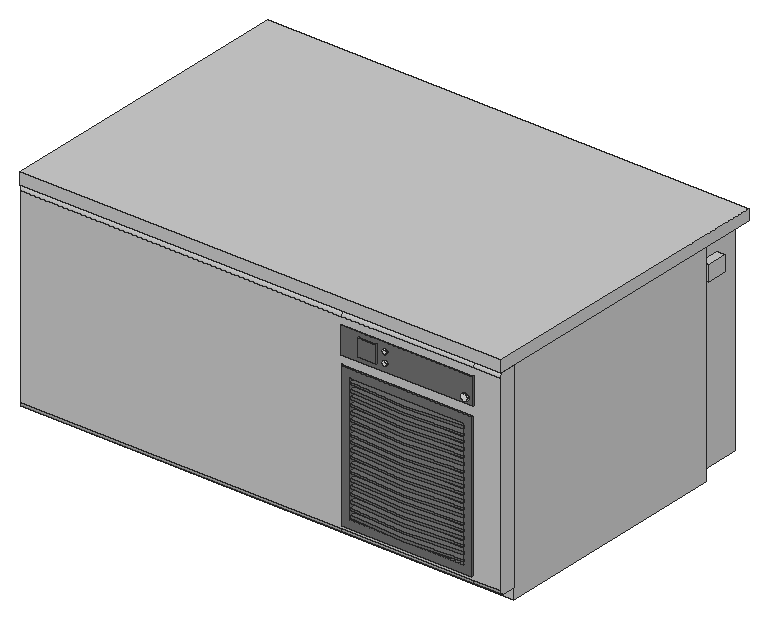
Revit family "QF_HOSHIZAKI_IM-240XNE-HC", category Specialty Equipment, Revit 2016
Family settings
  Part Type = Normal
  Round Connector Dimension = Use Diameter
  OmniClass Number = 23.40.40.14
  OmniClass Title = Food Service Equipment
  Work Plane-Based = No
  Always vertical = Yes
  Cut with Voids When Loaded = No
  Shared = No
  Room Calculation Point = No
Parameters (values of type "IM-240XNE-HC_230V/1Ph/50Hz")
  Weight = 82.00 kg
  Waste Remarks [instance] = ""
  Volts = 230 V
  URL Cutsheet = ""
  URL = "www.hoshizaki-europe.com"
  Status [instance] = ""
  Specification by User [instance] = ""
  Specification by Manufacturer [instance] = ""
  Serial Number = ""
  Seismic Rating = ""
  SMACNA No = ""
  Revision Code [instance] = ""
  Phase = 1
  Number of Poles = 2
  NAFEM Spec ID Number = ""
  Model = "IM-240XNE-HC"
  Min Ckt Ampacity = 0 A
  Max Overcurrent Protection = 0 A
  Masterspec = ""
  Manufacturer = "HOSHIZAKI"
  Length Actual = 1084 mm
  Item Number [instance] = ""
  Installed By [instance] = ""
  Indirect Waste Size = 19.05 mm
  Indirect Waste Connection Type [instance] = ""
  Indirect Waste Connection Height [instance] = 53 mm
  Identify Quantity as Lot [instance] = no
  Height Actual = 500 mm
  HP power = ""
  Furnished By [instance] = ""
  Foodservice Equipment Identifier [instance] = yes
  FL Amps = 20 A
  Electric power = 930 W
  Electric Connection Type [instance] = ""
  Elec Conn RI Height [instance] = 0 mm
  Elec Conn Connection Height [instance] = 409 mm
  Direct Waste RI Height [instance] = 0 mm
  Description = "IM HYDROCARBON ICE MAKER, 210KG PER 24 HOURS, LARGE CUBE, MODULAR - EXTENSION"
  Depth Actual = 700 mm
  Cycle = 50 Hz
  Cost = 0
  Conn Plug = ""
  Conn Conduit = no
  Cold Water Temperature Recommended = 0 °C
  Cold Water Size = 19.05 mm
  Cold Water Flow = 0.0 L/s
  Cold Water Connection Height [instance] = 419 mm
  CSI MasterFormat = ""
  Assembly Code = "E1090320"
  Apparent Power = 930 VA
  Accessory = no
Types (2, lengths in mm): name | Volts | Cycle
  IM-240XNE-HC_240V/1Ph/60Hz | 240 V | 60 Hz
  IM-240XNE-HC_230V/1Ph/50Hz | 230 V | 50 Hz
Reference planes
  plane 1 "Center (Front/Back)": y = 0
  plane 2: z = 0
  plane 3 "Center (Left/Right)": x = 0
Forms (mm)
  Extrusion 1, solid, not visible
    sketch origin (-16, -65, 418) x (1, 0, 0) y (0, 1, 0)
      loop
        line (0, 0) -> (2, 0) -> (2, 2) -> (0, 2) -> (0, 0)
    from 0 to 2
  Extrusion 2, solid, not visible
    sketch origin (-16, -213, 52) x (1, 0, 0) y (0, 1, 0)
      loop
        line (0, 0) -> (2, 0) -> (2, 2) -> (0, 2) -> (0, 0)
    from 0 to 2
  Extrusion 3, solid, not visible
    sketch origin (1073, -77, 408) x (1, 0, 0) y (0, 1, 0)
      loop
        line (0, 0) -> (2, 0) -> (2, 2) -> (0, 2) -> (0, 0)
    from 0 to 2
  Extrusion 4, solid, not visible
    sketch origin (-16, -65, 418) x (1, 0, 0) y (0, 1, 0)
      loop
        line (0, 0) -> (2, 0) -> (2, 2) -> (0, 2) -> (0, 0)
    from 0 to 2
  Extrusion 5, solid, not visible
    sketch origin (-16, -213, 52) x (1, 0, 0) y (0, 1, 0)
      loop
        line (0, 0) -> (2, 0) -> (2, 2) -> (0, 2) -> (0, 0)
    from 0 to 2
  Extrusion 6, solid, not visible
    sketch origin (1073, -77, 408) x (1, 0, 0) y (0, 1, 0)
      loop
        line (0, 0) -> (2, 0) -> (2, 2) -> (0, 2) -> (0, 0)
    from 0 to 2
Dimensions and locks
  aligned and locked: level to plane 2
Nested families
  nested 1: "QF_HOSHIZAKI_IM-240XNE-HC_240V_1Ph_60Hz" at (0, 0, 0), type "IM-240XNE-HC_240V/1Ph/60Hz"
    with Show Clearance yes
Connectors
  piping at (-15, -63, 419), diameter 19.05, driven by "Cold Water Size", driven by "Cold Water Flow"
    settings: on Extrusion 1, index 1, connector inside diameter 609.6 mm, connector length 0 mm, flow factor 0, pipe flow 0.0 L/s, pressure drop 0.0 Pa, fitting loss kfactor 0, connector angle 0.00°, fixture units 0, engagement length 0 mm, angle of deflection 0.00°, flow configuration 1, flow direction 1, fitting loss method 0, system type 20, joint type 0, gender type 0, connector reference index -1, connector utility 0, adjustable connector no, is connector primary yes, connector description "Cold Water connection for 'IM-240XNE-HC'"
  piping at (-15, -211, 53), diameter 19.05, driven by "Indirect Waste Size"
    settings: on Extrusion 2, index 2, connector inside diameter 609.6 mm, connector length 0 mm, flow factor 0, pipe flow 0.0 L/s, pressure drop 0.0 Pa, fitting loss kfactor 0, connector angle 0.00°, fixture units 0, engagement length 0 mm, angle of deflection 0.00°, flow configuration 1, flow direction 2, fitting loss method 0, system type 16, joint type 0, gender type 0, connector reference index -1, connector utility 0, adjustable connector no, is connector primary no, connector description "Drain connection for 'IM-240XNE-HC'"
  electrical at (1074, -75, 409), driven by "Apparent Power", driven by "Number of Poles", driven by "Volts"
    settings: on Extrusion 3, index 3, voltage 230 V, apparent load 0 VA, apparent load phase1 930 VA, apparent load phase2 0 VA, apparent load phase3 0 VA, power factor 1, load classification "Other", number of poles 2, system type 31, power factor state 1, is connector primary yes, connector utility no, sub classification motor no, connector description "Electric connection for 'IM-240XNE-HC'"
  piping at (-15, -63, 419), diameter 19.05, driven by "Cold Water Size", driven by "Cold Water Flow"
    settings: on Extrusion 4, index 4, connector inside diameter 609.6 mm, connector length 0 mm, flow factor 0, pipe flow 0.0 L/s, pressure drop 0.0 Pa, fitting loss kfactor 0, connector angle 0.00°, fixture units 0, engagement length 0 mm, angle of deflection 0.00°, flow configuration 1, flow direction 1, fitting loss method 0, system type 20, joint type 0, gender type 0, connector reference index -1, connector utility 0, adjustable connector no, is connector primary no, connector description "Cold Water connection for 'IM-240XNE-HC'"
  piping at (-15, -211, 53), diameter 19.05, driven by "Indirect Waste Size"
    settings: on Extrusion 5, index 5, connector inside diameter 609.6 mm, connector length 0 mm, flow factor 0, pipe flow 0.0 L/s, pressure drop 0.0 Pa, fitting loss kfactor 0, connector angle 0.00°, fixture units 0, engagement length 0 mm, angle of deflection 0.00°, flow configuration 1, flow direction 2, fitting loss method 0, system type 16, joint type 0, gender type 0, connector reference index -1, connector utility 0, adjustable connector no, is connector primary no, connector description "Drain connection for 'IM-240XNE-HC'"
  electrical at (1074, -75, 409), driven by "Apparent Power", driven by "Number of Poles", driven by "Volts"
    settings: on Extrusion 6, index 6, voltage 230 V, apparent load 0 VA, apparent load phase1 930 VA, apparent load phase2 0 VA, apparent load phase3 0 VA, power factor 1, load classification "Other", number of poles 2, system type 31, power factor state 1, is connector primary no, connector utility no, sub classification motor no, connector description "Electric connection for 'IM-240XNE-HC'"
Definition of nested family "QF_HOSHIZAKI_IM-240XNE-HC_240V_1Ph_60Hz"
  Parameters (values of type "IM-240XNE-HC_240V/1Ph/60Hz")
    Width = 1084 mm
    URL = "www.hoshizaki-europe.com"
    Show Clearance [instance] = yes
    Model = "IM-240XNE-HC"
    Manufacturer = "HOSHIZAKI"
    Height = 500 mm
    Description = "EMERALD CLASS IM HYDROCARBON ICE MAKER, 210KG PER 24 HOURS, LARGE CUBE, MODULAR - EXTENSION"
    Depth = 700 mm
    Assembly Code = "E1090320"
  Types (31, lengths in mm): name | Width | Model | Height | Description | Depth
    IM-240DNE-HC | 1084 | "IM-240DNE-HC" | 500 | "EMERALD CLASS IM HYDROCARBON ICE MAKER, 210KG PER 24 HOURS, LARGE CUBE, MODULAR - HORIZONTAL" | 700
    IM-240XNE-HC_240V/1Ph/60Hz | 1084 | "IM-240XNE-HC" | 500 | "EMERALD CLASS IM HYDROCARBON ICE MAKER, 210KG PER 24 HOURS, LARGE CUBE, MODULAR - EXTENSION" | 700
    IM-240DNE | 1084 | "IM-240DNE" | 500 | "MODULAR IM ICE MAKER, 240KG PER 24 HOURS, LARGE CUBE, MODULAR - HORIZONTAL" | 700
    IM-240DNE-21 | 1084 | "IM-240DNE-21" | 500 | "MODULAR IM ICE MAKER, 240KG PER 24 HOURS, EXTRA SMALL CUBE, MODULAR - HORIZONTAL" | 700
    IM-240DNE-23 | 1084 | "IM-240DNE-23" | 500 | "MODULAR IM ICE MAKER, 240KG PER 24 HOURS, MEDIUM CUBE, MODULAR - HORIZONTAL" | 700
    IM-240DNE-32 | 1084 | "IM-240DNE-32" | 500 | "MODULAR IM ICE MAKER, 240KG PER 24 HOURS, EXTRA LARGE CUBE, MODULAR - HORIZONTAL" | 700
    IM-240DSNE | 1084 | "IM-240DSNE" | 500 | "MODULAR IM ICE MAKER, 240KG PER 24 HOURS, LARGE CUBE, REMOTE CONDENSER" | 700
    IM-240DSNE-23 | 1084 | "IM-240DSNE-23" | 500 | "MODULAR IM ICE MAKER, 240KG PER 24 HOURS, MEDIUM CUBE, REMOTE CONDENSER" | 700
    IM-240DWNE | 1084 | "IM-240DWNE" | 500 | "MODULAR IM ICE MAKER, 240KG PER 24 HOURS, LARGE CUBE, MODULAR - HORIZONTAL, WATER COOLED" | 700
    IM-240DWNE-21 | 1084 | "IM-240DWNE-21" | 500 | "MODULAR IM ICE MAKER, 240KG PER 24 HOURS, EXTRA SMALL CUBE, MODULAR - HORIZONTAL, WATER COOLED" | 700
    IM-240DWNE-23 | 1084 | "IM-240DWNE-23" | 500 | "MODULAR IM ICE MAKER, 240KG PER 24 HOURS, MEDIUM CUBE, MODULAR - HORIZONTAL, WATER COOLED" | 700
    IM-240DWNE-32 | 1084 | "IM-240DWNE-32" | 500 | "MODULAR IM ICE MAKER, 240KG PER 24 HOURS, EXTRA LARGE CUBE, MODULAR - HORIZONTAL, WATER COOLED" | 700
    IM-240XNE | 1084 | "IM-240XNE" | 500 | "MODULAR IM ICE MAKER, 240KG PER 24 HOURS, LARGE CUBE, MODULAR - EXTENSION" | 700
    IM-240XNE-21 | 1084 | "IM-240XNE-21" | 500 | "MODULAR IM ICE MAKER, 240KG PER 24 HOURS, EXTRA SMALL CUBE, MODULAR - EXTENSION" | 700
    IM-240XNE-23 | 1084 | "IM-240XNE-23" | 500 | "MODULAR IM ICE MAKER, 240KG PER 24 HOURS, MEDIUM CUBE, MODULAR - EXTENSION" | 700
    IM-240XNE-32 | 1084 | "IM-240XNE-32" | 500 | "MODULAR IM ICE MAKER, 240KG PER 24 HOURS, EXTRA LARGE CUBE, MODULAR - EXTENSION" | 700
    IM-240XSNE | 1084 | "IM-240XSNE" | 500 | "MODULAR IM ICE MAKER, 240KG PER 24 HOURS, LARGE CUBE, MODULAR - EXTENSION, REMOTE CONDENSER" | 700
    IM-240XSNE-23 | 1084 | "IM-240XSNE-23" | 500 | "MODULAR IM ICE MAKER, 240KG PER 24 HOURS, MEDIUM CUBE, MODULAR - EXTENSION, REMOTE CONDENSER" | 700
    IM-240XWNE | 1084 | "IM-240XWNE" | 500 | "MODULAR IM ICE MAKER, 240KG PER 24 HOURS, LARGE CUBE, MODULAR - EXTENSION, WATER COOLED" | 700
    IM-240XWNE-21 | 1084 | "IM-240XWNE-21" | 500 | "MODULAR IM ICE MAKER, 240KG PER 24 HOURS, EXTRA SMALL CUBE, MODULAR - EXTENSION, WATER COOLED" | 700
    IM-240XWNE-23 | 1084 | "IM-240XWNE-23" | 500 | "MODULAR IM ICE MAKER, 240KG PER 24 HOURS, MEDIUM CUBE, MODULAR - EXTENSION, WATER COOLED" | 700
    IM-240XWNE-32 | 1084 | "IM-240XWNE-32" | 500 | "MODULAR IM ICE MAKER, 240KG PER 24 HOURS, EXTRA LARGE CUBE, MODULAR - EXTENSION, WATER COOLED" | 700
    IM-240DNE-C | 1084 | "IM-240DNE-C" | 500 | "IM CYLINDER ICE MAKER, 240KG PER 24 HOURS, CYLINDER ICE, MODULAR - HORIZONTAL" | 700
    IM-240DWNE-C | 1084 | "IM-240DWNE-C" | 500 | "IM CYLINDER ICE MAKER, 240KG PER 24 HOURS, CYLINDER ICE, MODULAR - HORIZONTAL, WATER COOLED" | 700
    IM-240XNE-C | 1084 | "IM-240XNE-C" | 500 | "IM CYLINDER ICE MAKER, 240KG PER 24 HOURS, CYLINDER ICE, MODULAR - EXTENSION" | 700
    IM-240XWNE-C | 1084 | "IM-240XWNE-C" | 500 | "IM CYLINDER ICE MAKER, 240KG PER 24 HOURS, CYLINDER ICE, MODULAR - EXTENSION, WATER COOLED" | 700
    IM-240DNE-HC-23 | 1084 | "IM-240DNE-HC-23" | 500 | "EMERALD CLASS IM HYDROCARBON ICE MAKER, 180KG PER 24 HOURS, MEDIUM CUBE, MODULAR - EXTENSION" | 700
    IM-240DNE-HC-32 | 1084 | "IM-240DNE-HC-32" | 500 | "EMERALD CLASS IM HYDROCARBON ICE MAKER, 190KG PER 24 HOURS, EXTRA LARGE CUBE, MODULAR - EXTENSION" | 700
    IM-240XNE-HC-23 | 1082 | "IM-240XNE-HC-23" | 485 | "EMERALD CLASS IM HYDROCARBON ICE MAKER, 180KG PER 24 HOURS, MEDIUM CUBE, MODULAR - EXTENSION" | 697
    IM-240XNE-HC-32 | 1082 | "IM-240XNE-HC-32" | 485 | "EMERALD CLASS IM HYDROCARBON ICE MAKER, 190KG PER 24 HOURS, EXTRA LARGE CUBE, MODULAR - EXTENSION" | 697
    IM-240DNE-HC-21 | 1084 | "IM-240DNE-HC-21" | 500 | "EMERALD CLASS IM HYDROCARBON ICE MAKER, 205KG PER 24 HOURS, EXTRA SMALL CUBE, MODULAR - EXTENSION" | 700
  Reference planes
    plane 1 "Back": y = 0
    plane 2: z = 0
    plane 3 "Left": x = 0
    plane 4 "Right": x = 1084
    plane 5 "Front": y = -700
    plane 6 "Top": z = 500
    plane 7: y = -702
    plane 8: z = 488
  Forms (mm)
    Extrusion 1, solid
      sketch origin (166.25, -249, 193) x (0, 1, 0) y (0, 0, 1)
        loop
          line (-414, -170) -> (-414, 280) -> (-441, 280)
          arc (-441, 280) -> (-448.071, 277.071) -> (-451, 270) r 10
          line (-451, 270) -> (-451, -160)
          arc (-451, -160) -> (-448.071, -167.071) -> (-441, -170) r 10
          line (-441, -170) -> (-414, -170)
      from 559.75 to -166.25
    Extrusion 2, solid
      sketch origin (-20, -211, 53) x (0, 1, 0) y (0, 0, 1)
        loop
          circle (0, 0) r 14
        loop
          circle (0, 0) r 12
      from 0 to 20
    Extrusion 3, solid
      sketch origin (-16, -63, 419) x (0, 1, 0) y (0, 0, 1)
        loop
          circle (0, 0) r 14
        loop
          circle (0, 0) r 12
      from 0 to 16
    Extrusion 4, solid
      sketch origin (1024, -249, 193) x (0, 1, 0) y (0, 0, 1)
        loop
          line (-414, -170) -> (-414, 280) -> (-441, 280)
          arc (-441, 280) -> (-448.071, 277.071) -> (-451, 270) r 10
          line (-451, 270) -> (-451, -160)
          arc (-451, -160) -> (-448.071, -167.071) -> (-441, -170) r 10
          line (-441, -170) -> (-414, -170)
      from 0 to 60
    Extrusion 5, solid
      sketch origin (726, -249, 193) x (0, 1, 0) y (0, 0, 1)
        loop
          line (-414, -170) -> (-414, -153) -> (-451, -153) -> (-451, -160)
          arc (-451, -160) -> (-448.071, -167.071) -> (-441, -170) r 10
          line (-441, -170) -> (-414, -170)
        loop
          line (-451, 270) -> (-451, 174) -> (-414, 174) -> (-414, 280) -> (-441, 280)
          arc (-441, 280) -> (-448.071, 277.071) -> (-451, 270) r 10
      from 0 to 298
    Extrusion 6, solid
      sketch origin (568.75, -852, 28) x (1, 0, 0) y (0, 0, 1)
        loop
          line (159.25, 337) -> (159.25, 14) -> (453.25, 14) -> (453.25, 337) -> (159.25, 337)
        loop
          line (177.25, 319) -> (177.25, 32) -> (435.25, 32) -> (435.25, 319) -> (177.25, 319)
      from -150 to -160
    Extrusion 7, solid
      sketch origin (568.75, -249, 170) x (1, 0, 0) y (0, 1, 0)
        loop
          line (177.25, -443) -> (177.25, -454.474)
          arc (177.25, -454.474) -> (306.295, -461.632) -> (435.25, -453) r 1057.927
          line (435.25, -453) -> (435.25, -443) -> (177.25, -443)
      from 0 to 5
    Extrusion 8, solid
      sketch origin (568.75, -249, 185) x (1, 0, 0) y (0, 1, 0)
        loop
          line (177.25, -443) -> (177.25, -454.474)
          arc (177.25, -454.474) -> (306.295, -461.632) -> (435.25, -453) r 1057.927
          line (435.25, -453) -> (435.25, -443) -> (177.25, -443)
      from 0 to 5
    Extrusion 9, solid
      sketch origin (568.75, -249, 200) x (1, 0, 0) y (0, 1, 0)
        loop
          line (177.25, -443) -> (177.25, -454.474)
          arc (177.25, -454.474) -> (306.295, -461.632) -> (435.25, -453) r 1057.927
          line (435.25, -453) -> (435.25, -443) -> (177.25, -443)
      from 0 to 5
    Extrusion 10, solid
      sketch origin (568.75, -249, 215) x (1, 0, 0) y (0, 1, 0)
        loop
          line (177.25, -443) -> (177.25, -454.474)
          arc (177.25, -454.474) -> (306.295, -461.632) -> (435.25, -453) r 1057.927
          line (435.25, -453) -> (435.25, -443) -> (177.25, -443)
      from 0 to 5
    Extrusion 11, solid
      sketch origin (568.75, -249, 230) x (1, 0, 0) y (0, 1, 0)
        loop
          line (177.25, -443) -> (177.25, -454.474)
          arc (177.25, -454.474) -> (306.295, -461.632) -> (435.25, -453) r 1057.927
          line (435.25, -453) -> (435.25, -443) -> (177.25, -443)
      from 0 to 5
    Extrusion 12, solid
      sketch origin (568.75, -249, 245) x (1, 0, 0) y (0, 1, 0)
        loop
          line (177.25, -443) -> (177.25, -454.474)
          arc (177.25, -454.474) -> (306.295, -461.632) -> (435.25, -453) r 1057.927
          line (435.25, -453) -> (435.25, -443) -> (177.25, -443)
      from 0 to 5
    Extrusion 13, solid
      sketch origin (568.75, -249, 260) x (1, 0, 0) y (0, 1, 0)
        loop
          line (177.25, -443) -> (177.25, -454.474)
          arc (177.25, -454.474) -> (306.295, -461.632) -> (435.25, -453) r 1057.927
          line (435.25, -453) -> (435.25, -443) -> (177.25, -443)
      from 0 to 5
    Extrusion 14, solid
      sketch origin (568.75, -249, 275) x (1, 0, 0) y (0, 1, 0)
        loop
          line (177.25, -443) -> (177.25, -454.474)
          arc (177.25, -454.474) -> (306.295, -461.632) -> (435.25, -453) r 1057.927
          line (435.25, -453) -> (435.25, -443) -> (177.25, -443)
      from 0 to 5
    Extrusion 15, solid
      sketch origin (568.75, -249, 290) x (1, 0, 0) y (0, 1, 0)
        loop
          line (177.25, -443) -> (177.25, -454.474)
          arc (177.25, -454.474) -> (306.295, -461.632) -> (435.25, -453) r 1057.927
          line (435.25, -453) -> (435.25, -443) -> (177.25, -443)
      from 0 to 5
    Extrusion 16, solid
      sketch origin (568.75, -249, 305) x (1, 0, 0) y (0, 1, 0)
        loop
          line (177.25, -443) -> (177.25, -454.474)
          arc (177.25, -454.474) -> (306.295, -461.632) -> (435.25, -453) r 1057.927
          line (435.25, -453) -> (435.25, -443) -> (177.25, -443)
      from 0 to 5
    Extrusion 17, solid
      sketch origin (568.75, -249, 320) x (1, 0, 0) y (0, 1, 0)
        loop
          line (177.25, -443) -> (177.25, -454.474)
          arc (177.25, -454.474) -> (306.295, -461.632) -> (435.25, -453) r 1057.927
          line (435.25, -453) -> (435.25, -443) -> (177.25, -443)
      from 0 to 5
    Extrusion 18, solid
      sketch origin (568.75, -249, 335) x (1, 0, 0) y (0, 1, 0)
        loop
          line (177.25, -443) -> (177.25, -454.474)
          arc (177.25, -454.474) -> (306.295, -461.632) -> (435.25, -453) r 1057.927
          line (435.25, -453) -> (435.25, -443) -> (177.25, -443)
      from 0 to 5
    Extrusion 19, solid
      sketch origin (568.75, -249, 110) x (1, 0, 0) y (0, 1, 0)
        loop
          line (177.25, -443) -> (177.25, -454.474)
          arc (177.25, -454.474) -> (306.295, -461.632) -> (435.25, -453) r 1057.927
          line (435.25, -453) -> (435.25, -443) -> (177.25, -443)
      from 0 to 5
    Extrusion 20, solid
      sketch origin (568.75, -249, 125) x (1, 0, 0) y (0, 1, 0)
        loop
          line (177.25, -443) -> (177.25, -454.474)
          arc (177.25, -454.474) -> (306.295, -461.632) -> (435.25, -453) r 1057.927
          line (435.25, -453) -> (435.25, -443) -> (177.25, -443)
      from 0 to 5
    Extrusion 21, solid
      sketch origin (568.75, -249, 140) x (1, 0, 0) y (0, 1, 0)
        loop
          line (177.25, -443) -> (177.25, -454.474)
          arc (177.25, -454.474) -> (306.295, -461.632) -> (435.25, -453) r 1057.927
          line (435.25, -453) -> (435.25, -443) -> (177.25, -443)
      from 0 to 5
    Extrusion 22, solid
      sketch origin (568.75, -249, 155) x (1, 0, 0) y (0, 1, 0)
        loop
          line (177.25, -443) -> (177.25, -454.474)
          arc (177.25, -454.474) -> (306.295, -461.632) -> (435.25, -453) r 1057.927
          line (435.25, -453) -> (435.25, -443) -> (177.25, -443)
      from 0 to 5
    Extrusion 23, solid
      sketch origin (568.75, -249, 65) x (1, 0, 0) y (0, 1, 0)
        loop
          line (177.25, -443) -> (177.25, -454.474)
          arc (177.25, -454.474) -> (306.295, -461.632) -> (435.25, -453) r 1057.927
          line (435.25, -453) -> (435.25, -443) -> (177.25, -443)
      from 0 to 5
    Extrusion 24, solid
      sketch origin (568.75, -249, 80) x (1, 0, 0) y (0, 1, 0)
        loop
          line (177.25, -443) -> (177.25, -454.474)
          arc (177.25, -454.474) -> (306.295, -461.632) -> (435.25, -453) r 1057.927
          line (435.25, -453) -> (435.25, -443) -> (177.25, -443)
      from 0 to 5
    Extrusion 25, solid
      sketch origin (568.75, -249, 95) x (1, 0, 0) y (0, 1, 0)
        loop
          line (177.25, -443) -> (177.25, -454.474)
          arc (177.25, -454.474) -> (306.295, -461.632) -> (435.25, -453) r 1057.927
          line (435.25, -453) -> (435.25, -443) -> (177.25, -443)
      from 0 to 5
    Extrusion 26, solid
      sketch origin (0, -700, -10) x (1, 0, 0) y (0, 0, 1)
        loop
          line (726, 397) -> (1024, 397) -> (1024, 457) -> (726, 457) -> (726, 397)
      from 0 to 2
    Extrusion 27, solid
      sketch origin (0, -702, 0) x (1, 0, 0) y (0, 0, 1)
        loop
          line (766.139, 436.277) -> (766.139, 396.277) -> (806.139, 396.277) -> (806.139, 436.277) -> (766.139, 436.277)
      from 0 to 2
    Extrusion 28, solid
      sketch origin (0, -702, 0) x (1, 0, 0) y (0, 0, 1)
        loop
          circle (825.63, 428.086) r 5
        loop
          circle (825.63, 404.468) r 5
      from 0 to 2
    Extrusion 29, solid
      sketch origin (0, -702, 0) x (1, 0, 0) y (0, 0, 1)
        loop
          circle (1006.481, 399.95) r 7.5
      from 3 to 0
    Extrusion 30, solid
      sketch origin (0, 0, 0) x (1, 0, 0) y (0, 1, 0)
        loop
          line (0, 0) -> (0, -663) -> (1084, -663) -> (1084, -120) -> (1054, -120) -> (1054, 0) -> (0, 0)
      from 0 to 475
    Extrusion 31, solid
      sketch origin (0, 0, 0) x (1, 0, 0) y (0, 1, 0)
        loop
          line (0, 0) -> (0, -700) -> (1084, -700) -> (1084, 0) -> (0, 0)
      from 500 to 475
    Extrusion 32, solid
      sketch origin (1254, 1.923, 57.766) x (0, 1, 0) y (0, 0, 1)
        loop
          line (-101.026, 368.734) -> (-101.026, 333.734) -> (-54.923, 333.734) -> (-54.923, 368.734) -> (-101.026, 368.734)
      from -180 to -200
  Cuts and joins
    joined: Extrusion 1, Extrusion 4, Extrusion 5
  Lines and regions (mm)
    symbolic lines
      curve 1: line (0, 0, 0) -> (1084, 0, 0)
      curve 2: line (0, -700, 0) -> (0, 0, 0)
      curve 3: line (1084, -700, 0) -> (0, -700, 0)
      curve 4: line (1084, 0, 0) -> (1084, -700, 0)
      curve 5: line (-16, -49, 0) -> (0, -49, 0)
      curve 6: line (-16, -49, 0) -> (-16, -77, 0)
      curve 7: line (-16, -77, 0) -> (0, -77, 0)
      curve 8: line (-20, -197, 0) -> (0, -197, 0)
      curve 9: line (-20, -197, 0) -> (-20, -225, 0)
      curve 10: line (-20, -225, 0) -> (0, -225, 0)
  Dimensions and locks
    plane 5 "Front" to Extrusion 30 = 700 mm
    locked: Extrusion 30 sketch curve to curve 4 at 30
    locked: Extrusion 30 to Extrusion 32 at 20
    "Width": plane 4 "Right" to plane 3 "Left"
    locked: Extrusion 28 to Extrusion 27 at 2
    locked: plane 5 "Front" to Extrusion 26 at 2
    Extrusion 29 to Extrusion 28 = 0 mm
    locked: plane 5 "Front" to Extrusion 6 at 8
    locked: plane 7 to plane 5 "Front" at 2
    "Depth": plane 5 "Front" to plane 1 "Back"
    locked: plane 5 "Front" to Extrusion 29 at 5
    locked: Extrusion 31 to plane 6 "Top" at 25
    cut or joined group of Extrusion 1, Extrusion 4, Extrusion 5 to plane 8 to plane 6 "Top" = 15 mm, 12 mm
    "Height": plane 6 "Top" to level
    aligned and locked: level to plane 2
    aligned and locked: Extrusion 31 to plane 4 "Right"
    aligned and locked: Extrusion 32 to Extrusion 30
    aligned and locked: Extrusion 4 to plane 4 "Right"
    aligned and locked: Extrusion 4 to Extrusion 5  (x2)
    aligned and locked: plane 4 "Right" to curve 4
    aligned and locked: Extrusion 31 to plane 5 "Front"
    aligned and locked: Extrusion 1 sketch curve to plane 5 "Front"
    aligned and locked: Extrusion 27 to Extrusion 26
    aligned and locked: plane 5 "Front" to Extrusion 26
    aligned and locked: Extrusion 28 to Extrusion 26
    aligned and locked: plane 7 to Extrusion 6
    aligned and locked: Extrusion 29 to Extrusion 26
    aligned and locked: plane 6 "Top" to Extrusion 31
    aligned and locked: Extrusion 30 to Extrusion 31
  Automatic sketch dimensions
    Extrusion 2 sketch curve to Extrusion 2 sketch curve = 0 mm  (x2)
    level to Extrusion 2 sketch curve = 53 mm
    plane 1 "Back" to Extrusion 2 sketch curve = 211 mm
    Extrusion 3 sketch curve to Extrusion 3 sketch curve = 0 mm  (x2)
    plane 1 "Back" to Extrusion 3 sketch curve = 63 mm
    Extrusion 3 sketch curve to plane 6 "Top" = 81 mm
    Extrusion 4 sketch curve to plane 5 "Front" = 0 mm
    Extrusion 4 sketch curve to Extrusion 4 sketch curve = 10 mm
    plane 5 "Front" to Extrusion 4 sketch curve = 10 mm
    Extrusion 4 sketch curve to Extrusion 4 sketch curve = 27 mm
    level to Extrusion 4 sketch curve = 23 mm
    Extrusion 4 sketch curve to plane 6 "Top" = 37 mm
    Extrusion 5 sketch curve to plane 5 "Front" = 0 mm  (x2)
    plane 5 "Front" to Extrusion 5 sketch curve = 10 mm  (x2)
    Extrusion 5 sketch curve to Extrusion 5 sketch curve = 27 mm  (x2)
    level to Extrusion 5 sketch curve = 23 mm
    Extrusion 5 sketch curve to Extrusion 5 sketch curve = 7 mm
    Extrusion 5 sketch curve to plane 6 "Top" = 133 mm
    Extrusion 5 sketch curve to plane 6 "Top" = 37 mm
    level to Extrusion 6 sketch curve = 42 mm
    plane 4 "Right" to Extrusion 6 sketch curve = 356 mm
    Extrusion 6 sketch curve to Extrusion 6 sketch curve = 18 mm  (x4)
    plane 4 "Right" to Extrusion 6 sketch curve = 80 mm
    Extrusion 6 sketch curve to plane 6 "Top" = 153 mm
    plane 5 "Front" to Extrusion 7 sketch curve = 8 mm
    plane 4 "Right" to Extrusion 7 sketch curve = 338 mm
    plane 4 "Right" to Extrusion 7 sketch curve = 215 mm
    plane 4 "Right" to Extrusion 7 sketch curve = 80 mm
    Extrusion 7 sketch curve to plane 5 "Front" = 2 mm
    Extrusion 7 sketch curve to Extrusion 7 sketch curve = 11.474 mm
    plane 5 "Front" to Extrusion 8 sketch curve = 8 mm
    plane 4 "Right" to Extrusion 8 sketch curve = 338 mm
    plane 4 "Right" to Extrusion 8 sketch curve = 215 mm
    plane 4 "Right" to Extrusion 8 sketch curve = 80 mm
    Extrusion 8 sketch curve to plane 5 "Front" = 2 mm
    Extrusion 8 sketch curve to Extrusion 8 sketch curve = 11.474 mm
    plane 5 "Front" to Extrusion 9 sketch curve = 8 mm
    plane 4 "Right" to Extrusion 9 sketch curve = 338 mm
    plane 4 "Right" to Extrusion 9 sketch curve = 215 mm
    plane 4 "Right" to Extrusion 9 sketch curve = 80 mm
    Extrusion 9 sketch curve to plane 5 "Front" = 2 mm
    Extrusion 9 sketch curve to Extrusion 9 sketch curve = 11.474 mm
    plane 5 "Front" to Extrusion 10 sketch curve = 8 mm
    plane 4 "Right" to Extrusion 10 sketch curve = 338 mm
    plane 4 "Right" to Extrusion 10 sketch curve = 215 mm
    plane 4 "Right" to Extrusion 10 sketch curve = 80 mm
    Extrusion 10 sketch curve to plane 5 "Front" = 2 mm
    Extrusion 10 sketch curve to Extrusion 10 sketch curve = 11.474 mm
    plane 5 "Front" to Extrusion 11 sketch curve = 8 mm
    plane 4 "Right" to Extrusion 11 sketch curve = 338 mm
    plane 4 "Right" to Extrusion 11 sketch curve = 215 mm
    plane 4 "Right" to Extrusion 11 sketch curve = 80 mm
    Extrusion 11 sketch curve to plane 5 "Front" = 2 mm
    Extrusion 11 sketch curve to Extrusion 11 sketch curve = 11.474 mm
    plane 5 "Front" to Extrusion 12 sketch curve = 8 mm
    plane 4 "Right" to Extrusion 12 sketch curve = 338 mm
    plane 4 "Right" to Extrusion 12 sketch curve = 215 mm
    plane 4 "Right" to Extrusion 12 sketch curve = 80 mm
    Extrusion 12 sketch curve to plane 5 "Front" = 2 mm
    Extrusion 12 sketch curve to Extrusion 12 sketch curve = 11.474 mm
    plane 5 "Front" to Extrusion 13 sketch curve = 8 mm
    plane 4 "Right" to Extrusion 13 sketch curve = 338 mm
    plane 4 "Right" to Extrusion 13 sketch curve = 215 mm
    plane 4 "Right" to Extrusion 13 sketch curve = 80 mm
    Extrusion 13 sketch curve to plane 5 "Front" = 2 mm
    Extrusion 13 sketch curve to Extrusion 13 sketch curve = 11.474 mm
    plane 5 "Front" to Extrusion 14 sketch curve = 8 mm
    plane 4 "Right" to Extrusion 14 sketch curve = 338 mm
    plane 4 "Right" to Extrusion 14 sketch curve = 215 mm
    plane 4 "Right" to Extrusion 14 sketch curve = 80 mm
    Extrusion 14 sketch curve to plane 5 "Front" = 2 mm
    Extrusion 14 sketch curve to Extrusion 14 sketch curve = 11.474 mm
    plane 5 "Front" to Extrusion 15 sketch curve = 8 mm
    plane 4 "Right" to Extrusion 15 sketch curve = 338 mm
    plane 4 "Right" to Extrusion 15 sketch curve = 215 mm
    plane 4 "Right" to Extrusion 15 sketch curve = 80 mm
    Extrusion 15 sketch curve to plane 5 "Front" = 2 mm
    Extrusion 15 sketch curve to Extrusion 15 sketch curve = 11.474 mm
    plane 5 "Front" to Extrusion 16 sketch curve = 8 mm
    plane 4 "Right" to Extrusion 16 sketch curve = 338 mm
    plane 4 "Right" to Extrusion 16 sketch curve = 215 mm
    plane 4 "Right" to Extrusion 16 sketch curve = 80 mm
    Extrusion 16 sketch curve to plane 5 "Front" = 2 mm
    Extrusion 16 sketch curve to Extrusion 16 sketch curve = 11.474 mm
    plane 5 "Front" to Extrusion 17 sketch curve = 8 mm
    plane 4 "Right" to Extrusion 17 sketch curve = 338 mm
    plane 4 "Right" to Extrusion 17 sketch curve = 215 mm
    plane 4 "Right" to Extrusion 17 sketch curve = 80 mm
    Extrusion 17 sketch curve to plane 5 "Front" = 2 mm
    Extrusion 17 sketch curve to Extrusion 17 sketch curve = 11.474 mm
    plane 5 "Front" to Extrusion 18 sketch curve = 8 mm
    plane 4 "Right" to Extrusion 18 sketch curve = 338 mm
    plane 4 "Right" to Extrusion 18 sketch curve = 215 mm
    plane 4 "Right" to Extrusion 18 sketch curve = 80 mm
    Extrusion 18 sketch curve to plane 5 "Front" = 2 mm
    Extrusion 18 sketch curve to Extrusion 18 sketch curve = 11.474 mm
    plane 5 "Front" to Extrusion 19 sketch curve = 8 mm
    plane 4 "Right" to Extrusion 19 sketch curve = 338 mm
    plane 4 "Right" to Extrusion 19 sketch curve = 215 mm
    plane 4 "Right" to Extrusion 19 sketch curve = 80 mm
    Extrusion 19 sketch curve to plane 5 "Front" = 2 mm
    Extrusion 19 sketch curve to Extrusion 19 sketch curve = 11.474 mm
    plane 5 "Front" to Extrusion 20 sketch curve = 8 mm
    plane 4 "Right" to Extrusion 20 sketch curve = 338 mm
    plane 4 "Right" to Extrusion 20 sketch curve = 215 mm
    plane 4 "Right" to Extrusion 20 sketch curve = 80 mm
    Extrusion 20 sketch curve to plane 5 "Front" = 2 mm
    Extrusion 20 sketch curve to Extrusion 20 sketch curve = 11.474 mm
    plane 5 "Front" to Extrusion 21 sketch curve = 8 mm
    plane 4 "Right" to Extrusion 21 sketch curve = 338 mm
    plane 4 "Right" to Extrusion 21 sketch curve = 215 mm
    plane 4 "Right" to Extrusion 21 sketch curve = 80 mm
    Extrusion 21 sketch curve to plane 5 "Front" = 2 mm
    Extrusion 21 sketch curve to Extrusion 21 sketch curve = 11.474 mm
    plane 5 "Front" to Extrusion 22 sketch curve = 8 mm
    plane 4 "Right" to Extrusion 22 sketch curve = 338 mm
    plane 4 "Right" to Extrusion 22 sketch curve = 215 mm
    plane 4 "Right" to Extrusion 22 sketch curve = 80 mm
    Extrusion 22 sketch curve to plane 5 "Front" = 2 mm
    Extrusion 22 sketch curve to Extrusion 22 sketch curve = 11.474 mm
    plane 5 "Front" to Extrusion 23 sketch curve = 8 mm
    plane 4 "Right" to Extrusion 23 sketch curve = 338 mm
    plane 4 "Right" to Extrusion 23 sketch curve = 215 mm
    plane 4 "Right" to Extrusion 23 sketch curve = 80 mm
    Extrusion 23 sketch curve to plane 5 "Front" = 2 mm
    Extrusion 23 sketch curve to Extrusion 23 sketch curve = 11.474 mm
    plane 5 "Front" to Extrusion 24 sketch curve = 8 mm
    plane 4 "Right" to Extrusion 24 sketch curve = 338 mm
    plane 4 "Right" to Extrusion 24 sketch curve = 215 mm
    plane 4 "Right" to Extrusion 24 sketch curve = 80 mm
    Extrusion 24 sketch curve to plane 5 "Front" = 2 mm
    Extrusion 24 sketch curve to Extrusion 24 sketch curve = 11.474 mm
    plane 5 "Front" to Extrusion 25 sketch curve = 8 mm
    plane 4 "Right" to Extrusion 25 sketch curve = 338 mm
    plane 4 "Right" to Extrusion 25 sketch curve = 215 mm
    plane 4 "Right" to Extrusion 25 sketch curve = 80 mm
    Extrusion 25 sketch curve to plane 5 "Front" = 2 mm
    Extrusion 25 sketch curve to Extrusion 25 sketch curve = 11.474 mm
    Extrusion 26 sketch curve to plane 6 "Top" = 53 mm
    plane 4 "Right" to Extrusion 26 sketch curve = 358 mm
    plane 4 "Right" to Extrusion 26 sketch curve = 60 mm
    Extrusion 26 sketch curve to Extrusion 26 sketch curve = 60 mm
    Extrusion 27 sketch curve to plane 6 "Top" = 103.723 mm
    plane 4 "Right" to Extrusion 27 sketch curve = 317.861 mm
    Extrusion 27 sketch curve to Extrusion 27 sketch curve = 40 mm  (x2)
    Extrusion 28 sketch curve to plane 6 "Top" = 95.532 mm
    plane 4 "Right" to Extrusion 28 sketch curve = 258.37 mm
    Extrusion 28 sketch curve to Extrusion 28 sketch curve = 0 mm
    Extrusion 28 sketch curve to Extrusion 28 sketch curve = 23.618 mm
    plane 4 "Right" to Extrusion 29 sketch curve = 77.519 mm
    Extrusion 29 sketch curve to plane 6 "Top" = 100.05 mm
    Extrusion 30 sketch curve to plane 3 "Left" = 0 mm
    Extrusion 30 sketch curve to plane 4 "Right" = 0 mm
    plane 1 "Back" to Extrusion 30 sketch curve = 0 mm
    plane 1 "Back" to Extrusion 30 sketch curve = 120 mm
    plane 5 "Front" to Extrusion 30 sketch curve = 37 mm
    Extrusion 31 sketch curve to plane 3 "Left" = 0 mm
    Extrusion 31 sketch curve to plane 4 "Right" = 0 mm
    Extrusion 31 sketch curve to plane 5 "Front" = 0 mm
    plane 1 "Back" to Extrusion 31 sketch curve = 0 mm
    plane 1 "Back" to Extrusion 32 sketch curve = 99.103 mm
    Extrusion 32 sketch curve to Extrusion 32 sketch curve = 46.103 mm
    Extrusion 32 sketch curve to plane 6 "Top" = 108.5 mm
    Extrusion 32 sketch curve to Extrusion 32 sketch curve = 35 mm
    curve 5 to plane 3 "Left" = 0 mm
    curve 3 to plane 5 "Front" = 0 mm
    plane 1 "Back" to curve 2 = 0 mm
    curve 6 to plane 3 "Left" = 16 mm
    curve 8 to plane 3 "Left" = 20 mm
    plane 1 "Back" to curve 9 = 225 mm
    curve 9 to curve 9 = 28 mm
    plane 1 "Back" to curve 6 = 77 mm
    curve 6 to curve 5 = 28 mm
    plane 5 "Front" to Extrusion 1 sketch curve = 10 mm  (x2)
    Extrusion 1 sketch curve to Extrusion 1 sketch curve = 27 mm
    level to Extrusion 1 sketch curve = 23 mm
    Extrusion 1 sketch curve to plane 6 "Top" = 37 mm
    radius of Extrusion 2 sketch curve = 14 mm
    radius of Extrusion 2 sketch curve = 12 mm
    radius of Extrusion 3 sketch curve = 14 mm
    radius of Extrusion 3 sketch curve = 12 mm
    radius of Extrusion 28 sketch curve = 5 mm  (x2)
    radius of Extrusion 29 sketch curve = 7.5 mm
  Connectors
    piping at (-20, -211, 53), diameter 19.05
      settings: on Extrusion 2, index 1, connector inside diameter 609.6 mm, connector length 0 mm, flow factor 0, pipe flow 0.0 L/s, pressure drop 0.0 Pa, fitting loss kfactor 0, connector angle 0.00°, fixture units 0, engagement length 0 mm, angle of deflection 0.00°, flow configuration 1, flow direction 2, fitting loss method 0, system type 16, joint type 0, gender type 0, connector reference index -1, connector utility 0, adjustable connector no, is connector primary yes, connector description "Indirect Waste Connection"
    piping at (-16, -63, 419), diameter 19.05
      settings: on Extrusion 3, index 3, connector inside diameter 609.6 mm, connector length 0 mm, flow factor 0, pipe flow 0.0 L/s, pressure drop 0.0 Pa, fitting loss kfactor 0, connector angle 0.00°, fixture units 0, engagement length 0 mm, angle of deflection 0.00°, flow configuration 1, flow direction 1, fitting loss method 0, system type 20, joint type 0, gender type 0, connector reference index -1, connector utility 0, adjustable connector no, is connector primary no, connector description "Cold Water Connection"
    electrical at (1064, -53, 409)
      settings: on Extrusion 32, index 4, voltage 230 V, apparent load 0 VA, apparent load phase1 930 VA, apparent load phase2 0 VA, apparent load phase3 0 VA, power factor 1, load classification none, number of poles 1, system type 31, power factor state 1, is connector primary yes, connector utility no, sub classification motor no, connector description "Electrical Connection"
